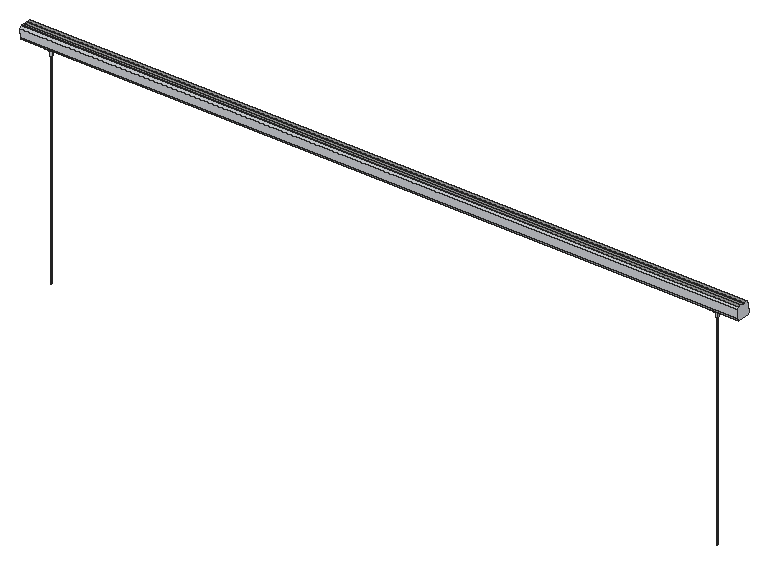
Revit family "0042538 Sylvania Lighting Fixture ISOLINE  3380MM 4K DASY DA 8C", category Lighting Fixtures, host Face, Revit 2018
Family settings
  Host = Face
  Round Connector Dimension = Use Diameter
  Part Type = Normal
  OmniClass Number = 23.80.70.00
  OmniClass Title = Lighting
  Cut with Voids When Loaded = No
  Light Source = Yes
  Shared = No
  Room Calculation Point = No
Parameters (values of type "0042538 ISOLINE  3380MM 4K DASY DA 8C")
  suspension height = 1000 mm
  spacer height = 5 mm
  spacer centres = 1000 mm
  height = 58.791 mm
  Width = 62 mm
  Weight = "n/a"
  Wattage Comments = ""
  Wattage = 9.2903 W
  WarrantyStartDate [instance] = "n/a"
  WarrantyGuarantorParts = "n/a"
  WarrantyDurationUnit = "n/a"
  WarrantyDurationParts = ""
  WarrantyDescription = "http://www.sylvania-lighting.com"
  built-in parameter 1150110 = 1 (stored number, unit not read)
  Voltage = 0 V
  URL = "0"
  TypeName = "ISOLINE  3380MM 4K DASY DA 8C"
  Type Image = <None>
  Type Comments = "n/a"
  built-in parameter 1114217 = 1 (stored number, unit not read)
  Tilt Angle = 90.00°
  built-in parameter 1150109 = 1 (stored number, unit not read)
  built-in parameter 1150134 = 3
  built-in parameter 1150113 = 1 (stored number, unit not read)
  SerialNumber [instance] = "n/a"
  Photometric Web File = "0042538.ies"
  Material_3_FEILO = none
  PowerFactor = 0
  PowerConsumption = "Lighting"
  NominalLength = 62 mm
  NominalHeight = 0 mm
  NominalDepth = 0 mm
  Name = "ISOLINE  3380MM 4K DASY DA 8C"
  ModelReference = Name  # "ISOLINE  3380MM 4K DASY DA 8C"
  ModelNumber = "0042538"
  Model = Name  # "ISOLINE  3380MM 4K DASY DA 8C"
  Material = "Feilo Sylvania"
  ManufacturerName = "147 lm/W"
  Manufacturer = ""
  LuminousEfficacy = ""
  built-in parameter 1150105 = 109.82 (stored number, unit not read)
  Lumens = 1380 lm
  LuminaireType = "0"
  built-in parameter 1150115 = 1 (stored number, unit not read)
  LightOutputRatio = "LED"
  built-in parameter 1150137 = (empty or 0)
  built-in parameter 1150139 = (empty or 0)
  Length = 3380 mm
  LampsType = Lamp  # "n/a"
  LampNominalLuminous = "4000 K"
  LampMacAdamStep = "80"
  LampColourTemperature = "LED"
  LampColourRenderingIndex = "16500"
  built-in parameter 1150112 = 1 (stored number, unit not read)
  built-in parameter 1150114 = 1 (stored number, unit not read)
  Lamp = "n/a"
  Keynote = "n/a"
  InstallationDate [instance] = "n/a"
  InputVoltage = "0"
  InputNominalFrequency = "4000"
  built-in parameter 1150132 = (empty or 0)
  built-in parameter 1150102 = (empty or 0)
  built-in parameter 1150107 = 3200 (stored number, unit not read)
  built-in parameter 1150138 = (empty or 0)
  IngressProtection = "IfcLightFixtureType"
  ImpactProtectionIndex = "IfcLightFixtureType"
  built-in parameter 1150106 = 1.0982 (stored number, unit not read)
  IfcExportType = "IfcLightFixtureType"
  IfcExportAs = "Class I"
  Height = 1000 mm
  ExpectedLife = 50000
  Emit from Circle Diameter = 609.6 mm
  Emit Shape Visible in Rendering = no
  ElectricShockClassification = "147"
  built-in parameter 1150104 = 13.8 (stored number, unit not read)
  DurationUnit = "hours"
  DocumentationLiterature = "http://www.sylvania-lighting.com/product/en-int/products/0042538"
  DimmingControlOptions = "n/a"
  Material_2_FEILO = none
  Dimming Lamp Color Temperature Shift = <None>
  Description = "Isoline LED linear DALI dimmable luminaire for industrial and commercial applications. 3380 mm lenght with double asymmetrical optics provide homogenous light distribution for wide, shelf areas. Suitable for DALI Dimming. Aluminium housing, RAL 9016. Max + 35 °C operating temperature range, 4000 K, CRI 80, UGR <25, 3 SDMC. 112 W power consumption, 16600 lm luminous flux, 147 lm/W efficacy, 3380 mm x62 mm x 59 mm (L x W x H) dimensions, IP20, IK03, DC 50/60 Hz, Class I. Lifespan L70:B50 60,000 hours."
  Default Elevation = 1219.2 mm
  CreatedOn = "04/03/2021"
  CreatedBy = "@sylvania-lighting.com"
  Cost = 0
  Color Filter = 16777215
  built-in parameter 1114216 [instance] = (empty or 0)
  ClassificationValue = "EF_70_80"
  ClassificationName = "Uniclass2015"
  Material_1_FEILO = none
  BarCode [instance] = "n/a"
  built-in parameter 1114218 = 1 (stored number, unit not read)
  built-in parameter 1150133 = 10 (stored number, unit not read)
  AssetType = "Fixed"
  AssetIdentifier [instance] = "n/a"
  Assembly Code = "D5020200"
  Apparent Load = 112 VA
  Material_4_FEILO = none
Reference planes
  plane 1 "Center (Front/Back)": y = 0
  plane 2: z = 0
  plane 3 "Center (Left/Right)": x = 0
  plane 4: z = 0
  plane 5: z = 1000
  plane 6: y = 31
  plane 7: y = -31
  plane 8: x = -1690
  plane 9: x = 1690
  plane 10: x = -37.307
  plane 11: x = 55
  plane 12: z = 1058.791
  plane 13: z = 51
  plane 14: y = -27
  plane 15: y = 27
  plane 16: z = 12
  plane 17: y = -24.969
  plane 18: y = 25
  plane 19: y = 12
  plane 20: y = -12
  plane 21: z = 1.634
  plane 22: y = -8
  plane 23: y = 8
  plane 24: x = -1580
  plane 25: x = -1555
  plane 26: x = 1580
  plane 27: x = 1555
  plane 28: z = 995
  plane 29: y = 26.98
  plane 30: y = 16.98
  plane 31: y = -27.027
  plane 32: y = -17.004
  plane 33: z = 996.5
  plane 34: y = 26.002
  plane 35: y = -26.027
  plane 36: through (-1580, 7.965, 1219.2) normal (0.5391, 0.8423, 0)
  plane 37: through (-1555, 7.965, 1219.2) normal (0.5391, -0.8423, 0)
  plane 38: through (1555, 7.965, 1219.2) normal (0.5391, 0.8423, 0)
  plane 39: through (1580, 8, 1219.2) normal (0.5399, -0.8417, 0)
  plane 40: z = 1058.003
  plane 41: z = 1056.819
Forms (mm)
  Extrusion 1, solid, detail levels medium+fine
    sketch origin (-1690, -1523.717, -160.594) x (0, -1, -0.000261) y (0, 0.000261, -1)
      loop
        line (-1493, -1168.2) -> (-1497, -1160.2) -> (-1551, -1160.2) -> (-1555, -1168.2) -> (-1555, -1207.2) -> (-1549.109, -1218.982) -> (-1535.466, -1218.982) -> (-1532, -1217.566) -> (-1516, -1217.566) -> (-1512.511, -1218.991) -> (-1498.896, -1218.991) -> (-1493, -1207.2) -> (-1493, -1168.2)
    from 0 to 3380
  Extrusion 2, solid
    sketch origin (1555, 1524, 1219.189) x (0, 1, 0) y (0, 0, 1)
      loop
        line (-1497.021, -219.189) -> (-1498.02, -219.189) -> (-1507.02, -223.699) -> (-1541.004, -223.699) -> (-1550.017, -219.203) -> (-1551.02, -219.203) -> (-1541.004, -224.2) -> (-1507.02, -224.2) -> (-1497.021, -219.189)
    from 0 to 25
  Extrusion 3, solid
    sketch origin (-1580, 1524, 1219.189) x (0, 1, 0) y (0, 0, 1)
      loop
        line (-1497.021, -219.189) -> (-1498.02, -219.189) -> (-1507.02, -223.699) -> (-1541.004, -223.699) -> (-1550.017, -219.203) -> (-1551.02, -219.203) -> (-1541.004, -224.2) -> (-1507.02, -224.2) -> (-1497.021, -219.189)
    from 0 to 25
  Extrusion 4, solid
    sketch origin (4.2, 0, 0) x (1, 0, 0) y (0, 1, 0)
      loop
        circle (-1571.7, -0.035) r 5
    from 962.277 to 995
  Extrusion 5, solid
    sketch origin (3139.062, 0.065, 0) x (1, 0, 0) y (0, 1, 0)
      loop
        circle (-1571.7, -0.035) r 5
    from 962.277 to 995
  Extrusion 6, solid
    sketch origin (4.2, 0, 0) x (1, 0, 0) y (0, 1, 0)
      loop
        circle (-1571.7, -0.035) r 1.5
    from 0 to 962.277
  Extrusion 7, solid
    sketch origin (3139.076, 0.033, 0) x (1, 0, 0) y (0, 1, 0)
      loop
        circle (-1571.7, -0.035) r 1.5
    from 0 to 977.512
  Extrusion 8, solid, material "Glass, White, High Luminance", detail levels fine
    sketch origin (319, 1524, 1219.2) x (0, 1, 0) y (0, 0, 1)
      loop
        line (-1498.926, -160.099) -> (-1512.703, -160.099) -> (-1516.213, -161.534) -> (-1531.9, -161.534) -> (-1535.47, -160.114) -> (-1549.12, -160.114) -> (-1549.12, -161.197) -> (-1535.782, -161.197) -> (-1532.805, -162.381) -> (-1515.468, -162.381) -> (-1512.929, -161.197) -> (-1498.926, -161.197) -> (-1498.926, -160.099)
    from -2009 to 1371
  Extrusion 9, solid, detail levels coarse
    sketch origin (319, 1524, 1219.2) x (0, 1, 0) y (0, 0, 1)
      loop
        line (-1493, -160.052) -> (-1555, -160.052) -> (-1555, -1219.2) -> (-1493, -1219.2) -> (-1493, -160.052)
    from -2009 to 1371
Dimensions and locks
  "Width": plane 6 to plane 7
  equal spacing: plane 6, plane 1 "Center (Front/Back)", plane 7
  "Length": plane 8 to plane 9
  equal spacing: plane 8, plane 3 "Center (Left/Right)", plane 9
  "height": plane 12 to plane 5
  "suspension height": plane 5 to level
  aligned and locked: host face to plane 2
  aligned and locked: host face to level
Automatic sketch dimensions
  host sketch curve to host sketch curve = 3582.803 mm
  host sketch curve to host sketch curve = 2438.4 mm
  Extrusion 1 sketch curve to plane 29 = 0 mm
  Extrusion 1 sketch curve to plane 6 = 0.033 mm
  Extrusion 1 sketch curve to plane 12 = 11.778 mm
  Extrusion 1 sketch curve to Extrusion 1 sketch curve = 4 mm  (x2)
  Extrusion 1 sketch curve to Extrusion 1 sketch curve = 5.891 mm
  Extrusion 1 sketch curve to Extrusion 1 sketch curve = 13.643 mm
  Extrusion 1 sketch curve to Extrusion 1 sketch curve = 3.466 mm
  Extrusion 1 sketch curve to Extrusion 1 sketch curve = 16 mm
  Extrusion 1 sketch curve to Extrusion 1 sketch curve = 3.489 mm
  Extrusion 1 sketch curve to Extrusion 1 sketch curve = 13.615 mm
  Extrusion 1 sketch curve to Extrusion 1 sketch curve = 54 mm
  Extrusion 1 sketch curve to Extrusion 1 sketch curve = 47 mm
  Extrusion 1 sketch curve to Extrusion 1 sketch curve = 10.366 mm
  Extrusion 1 sketch curve to Extrusion 1 sketch curve = 1.425 mm
  Extrusion 1 sketch curve to Extrusion 1 sketch curve = 11.782 mm
  Extrusion 1 sketch curve to Extrusion 1 sketch curve = 8 mm  (x2)
  Extrusion 2 sketch curve to plane 32 = 0 mm  (x2)
  Extrusion 2 sketch curve to plane 30 = 0 mm  (x2)
  Extrusion 2 sketch curve to plane 5 = 0 mm
  Extrusion 2 sketch curve to plane 35 = 0.01 mm
  Extrusion 2 sketch curve to plane 31 = 0.007 mm
  plane 34 to Extrusion 2 sketch curve = 0.022 mm
  plane 29 to Extrusion 2 sketch curve = 0.001 mm
  Extrusion 2 sketch curve to plane 5 = 0.014 mm
  plane 28 to Extrusion 2 sketch curve = 0.489 mm
  Extrusion 2 sketch curve to plane 28 = 0.011 mm
  Extrusion 3 sketch curve to plane 32 = 0 mm  (x2)
  Extrusion 3 sketch curve to plane 30 = 0 mm  (x2)
  Extrusion 3 sketch curve to plane 5 = 0 mm
  Extrusion 3 sketch curve to plane 35 = 0.01 mm
  Extrusion 3 sketch curve to plane 31 = 0.007 mm
  plane 34 to Extrusion 3 sketch curve = 0.022 mm
  plane 29 to Extrusion 3 sketch curve = 0.001 mm
  Extrusion 3 sketch curve to plane 5 = 0.014 mm
  plane 28 to Extrusion 3 sketch curve = 0.489 mm
  Extrusion 3 sketch curve to plane 28 = 0.011 mm
  Extrusion 4 sketch curve to plane 36 = 0 mm
  plane 37 to Extrusion 4 sketch curve = 0 mm
  Extrusion 5 sketch curve to plane 1 "Center (Front/Back)" = 0.029 mm
  plane 27 to Extrusion 5 sketch curve = 12.362 mm
  Extrusion 6 sketch curve to plane 36 = 0 mm
  plane 37 to Extrusion 6 sketch curve = 0 mm
  plane 1 "Center (Front/Back)" to Extrusion 7 sketch curve = 0.002 mm
  plane 27 to Extrusion 7 sketch curve = 12.376 mm
  Extrusion 8 sketch curve to plane 40 = 0 mm  (x2)
  Extrusion 8 sketch curve to plane 41 = 0 mm
  plane 17 to Extrusion 8 sketch curve = 0.151 mm
  Extrusion 8 sketch curve to plane 20 = 0.218 mm
  plane 12 to Extrusion 8 sketch curve = 0.295 mm
  Extrusion 8 sketch curve to plane 20 = 0.53 mm
  plane 22 to Extrusion 8 sketch curve = 0.805 mm
  Extrusion 8 sketch curve to plane 22 = 0.1 mm
  plane 23 to Extrusion 8 sketch curve = 0.213 mm
  Extrusion 8 sketch curve to plane 23 = 0.532 mm
  plane 19 to Extrusion 8 sketch curve = 0.929 mm
  Extrusion 8 sketch curve to plane 18 = 0.074 mm
  plane 41 to Extrusion 8 sketch curve = 0.848 mm
  plane 19 to Extrusion 8 sketch curve = 0.703 mm
  plane 12 to Extrusion 8 sketch curve = 0.31 mm
  Extrusion 9 sketch curve to plane 7 = 0 mm
  Extrusion 9 sketch curve to plane 6 = 0 mm
  Extrusion 9 sketch curve to plane 33 = 996.5 mm
  plane 12 to Extrusion 9 sketch curve = 0.357 mm
  radius of Extrusion 4 sketch curve = 5 mm
  radius of Extrusion 5 sketch curve = 5 mm
  radius of Extrusion 6 sketch curve = 1.5 mm
  radius of Extrusion 7 sketch curve = 1.5 mm
Connectors
  electrical at (0, -0.02, 1000.004)
    settings: on Extrusion 1, index 1, voltage 0 V, apparent load 0 VA, apparent load phase1 0 VA, apparent load phase2 0 VA, apparent load phase3 0 VA, power factor 1, load classification "Other", number of poles 1, system type 31, power factor state 1, is connector primary yes, connector utility no, sub classification motor no, connector description ""
